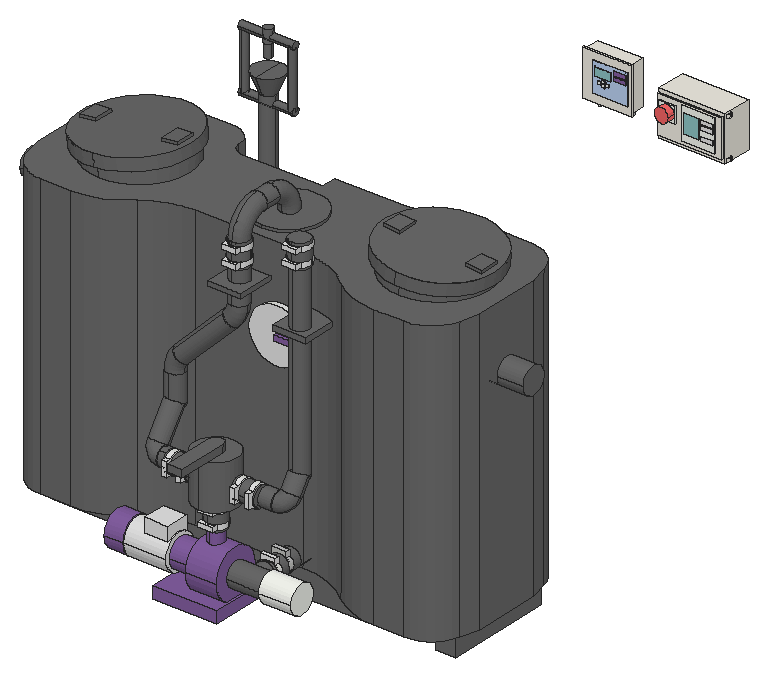
Revit family "93004.02_ms", category Generic Models, Revit 2021 (continued)
Definition of nested family "93004.02_ms_part3_X0Y0"
  Definition of nested family "93004.02_ms_part3_content"
    Forms (mm)
      Extrusion 45, solid, detail levels medium+fine
        sketch origin (636, 0, 1351.8) x (0, 1, 0) y (-0.996195, 0, 0.087156)
          loop
            circle (0, 0) r 233
        from 0 to 51
      Extrusion 46, solid, detail levels medium+fine
        sketch origin (501, 41, 1414.8) x (0, -1, 0) y (0.087156, 0, 0.996195)
          loop
            line (0, 12) -> (0, 0) -> (82, 0) -> (82, 12) -> (0, 12)
        from 0 to 66
      Extrusion 47, solid, detail levels medium+fine
        sketch origin (780, -41, 1390.3) x (0, 1, 0) y (0.087156, 0, 0.996195)
          loop
            line (0, 12) -> (0, 0) -> (82, 0) -> (82, 12) -> (0, 12)
        from 0 to 66
      Extrusion 48, solid, detail levels medium+fine
        sketch origin (-611.473, 0, 1071.551) x (0, -1, 0) y (0.996195, 0, 0.087156)
          loop
            circle (0, 0) r 211
        from 0 to 281.5
      Extrusion 49, solid, detail levels medium+fine
        sketch origin (-636, 0, 1351.5) x (0, -1, 0) y (0.996195, 0, 0.087156)
          loop
            circle (0, 0) r 233
        from 0 to 51
      Extrusion 50, solid, detail levels medium+fine
        sketch origin (-501, -41, 1414.5) x (0, 1, 0) y (-0.087156, 0, 0.996195)
          loop
            line (0, 12) -> (0, 0) -> (82, 0) -> (82, 12) -> (0, 12)
        from 0 to 66
      Extrusion 51, solid, detail levels medium+fine
        sketch origin (-780, 41, 1390) x (0, -1, 0) y (-0.087156, 0, 0.996195)
          loop
            line (0, 12) -> (0, 0) -> (82, 0) -> (82, 12) -> (0, 12)
        from 0 to 66
      Extrusion 52, solid, detail levels medium+fine
        sketch origin (-399, -183.5, 0) x (0, 1, 0) y (0, 0, 1)
          loop
            line (1, 113) -> (1, 0) -> (449, 0) -> (449, 113) -> (1, 113)
        from 0 to 1000
      Extrusion 53, solid, detail levels medium+fine
        sketch origin (936, 0, 1030) x (0, 1, 0) y (0, 0, 1)
          loop
            circle (0, 0) r 55
        from -98 to 98
      Extrusion 54, solid, detail levels medium+fine
        sketch origin (-936.1, 0, 1113) x (0, -1, 0) y (0, 0, 1)
          loop
            circle (0, 0) r 55
        from 0 to 151.5
      Extrusion 55, solid, detail levels medium+fine
        sketch origin (-110, 215, 1148.5) x (0, 0, -1) y (1, 0, 0)
          loop
            circle (0, 0) r 31.5
        from 0 to 12.5
      Revolve 56, solid, detail levels medium+fine
        sketch origin (-110, 215, 1148.5) x (0, 0, -1) y (-1, 0, 0)
          loop
            circle (0, 0) r 31.5
          axis (60, 0) -> (60, -1)
        angle from -90 to 0
      Extrusion 57, solid, detail levels medium+fine
        sketch origin (154.75, -214.5, 135) x (0, 0, -1) y (1, 0, 0)
          loop
            circle (0, 0) r 42
        from -100 to 100
      Extrusion 58, solid, detail levels medium+fine
        sketch origin (154.75, -224.5, 135) x (0, 0, -1) y (1, 0, 0)
          loop
            line (-56, -30) -> (-33.541, -30)
            arc (-33.541, -30) -> (45, 0) -> (-33.541, 30) r 45
            line (-33.541, 30) -> (-56, 30) -> (-56, -30)
        from 0 to 20
      Extrusion 59, solid, detail levels medium+fine
        sketch origin (154.75, -383, 135) x (-1, 0, 0) y (0, 0, 1)
          loop
            circle (0, 0) r 40
        from 0 to 193.5
      Extrusion 60, solid, detail levels medium+fine
        sketch origin (154.75, -284.5, 135) x (0, 0, -1) y (1, 0, 0)
          loop
            circle (0, 0) r 45
        from 0 to 20
      Extrusion 61, solid, detail levels medium+fine
        sketch origin (184.75, -304.5, 166) x (0, 1, 0) y (-1, 0, 0)
          loop
            line (0, 60) -> (0, 0) -> (20, 0) -> (20, 60) -> (0, 60)
        from 0 to 25
      Extrusion 62, solid, detail levels medium+fine
        sketch origin (82.5, -383, 135) x (0, 1, 0) y (0, 0, 1)
          loop
            circle (0, 0) r 50
        from 0 to 144.5
      Extrusion 63, solid, detail levels medium+fine
        sketch origin (-47, -383, 135) x (0, 1, 0) y (0, 0, 1)
          loop
            circle (0, 0) r 101
        from 0 to 129.5
      Extrusion 64, solid, detail levels medium+fine
        sketch origin (0, -383, 284) x (-1, 0, 0) y (0, 1, 0)
          loop
            circle (0, 0) r 31.5
        from 0 to 149
      Extrusion 65, solid, detail levels medium+fine
        sketch origin (-152, -383, 135) x (0, 1, 0) y (0, 0, 1)
          loop
            circle (0, 0) r 60
        from 0 to 105
      Extrusion 66, solid, detail levels medium+fine
        sketch origin (97.5, -269, 0) x (0, -1, 0) y (0, 0, 1)
          loop
            line (0, 48) -> (0, 0) -> (230, 0) -> (230, 48) -> (0, 48)
        from 0 to 272
      Extrusion 67, solid, detail levels medium+fine
        sketch origin (0, -383, 284) x (0, 1, 0) y (-1, 0, 0)
          loop
            circle (0, 0) r 42
        from 0 to 100
      Extrusion 68, solid, detail levels medium+fine
        sketch origin (0, -383, 294) x (0, 1, 0) y (-1, 0, 0)
          loop
            circle (0, 0) r 45
        from 0 to 20
      Extrusion 69, solid, detail levels medium+fine
        sketch origin (0, -383, 354) x (0, 1, 0) y (-1, 0, 0)
          loop
            circle (0, 0) r 45
        from 0 to 20
      Extrusion 70, solid, detail levels medium+fine
        sketch origin (-30, -414, 314) x (0, 0, -1) y (1, 0, 0)
          loop
            line (0, 60) -> (0, 0) -> (20, 0) -> (20, 60) -> (0, 60)
        from 0 to 25
      Extrusion 71, solid, detail levels medium+fine
        sketch origin (-30, -414, 374) x (0, 0, -1) y (1, 0, 0)
          loop
            line (0, 60) -> (0, 0) -> (20, 0) -> (20, 60) -> (0, 60)
        from 0 to 25
      Extrusion 72, solid, detail levels medium+fine
        sketch origin (227, -383, 135) x (0, 1, 0) y (0, 0, 1)
          loop
            circle (0, 0) r 58.5
        from 0 to 135.5
      Extrusion 73, solid, detail levels medium+fine
        sketch origin (-333, -383, 135) x (0, 1, 0) y (0, 0, 1)
          loop
            circle (0, 0) r 73.5
        from 0 to 181
      Extrusion 74, solid, detail levels medium+fine
        sketch origin (-262, -433, 188.5) x (0, 1, 0) y (0, 0, 1)
          loop
            line (0, 60) -> (0, 0) -> (100, 0) -> (100, 60) -> (0, 60)
        from 0 to 100
      Extrusion 75, solid, detail levels medium+fine
        sketch origin (-413, -383, 135) x (0, 1, 0) y (0, 0, 1)
          loop
            circle (0, 0) r 73.5
        from 0 to 80
      Extrusion 76, solid, detail levels medium+fine
        sketch origin (-68, -340.2, 1148.3) x (0, 1, 0) y (0, 0, 1)
          loop
            line (0, 20.5) -> (0, 0) -> (206.7, 0) -> (206.7, 20.5) -> (0, 20.5)
        from 0 to 138
      Extrusion 77, solid, detail levels medium+fine
        sketch origin (0, -260, 1080.432) x (0, 1, 0) y (-1, 0, 0)
          loop
            circle (0, 0) r 37.5
        from 0 to 234.57
      Extrusion 78, solid, detail levels medium+fine
        sketch origin (0, -260, 1231.5) x (0, 1, 0) y (-1, 0, 0)
          loop
            circle (0, 0) r 45
        from 0 to 20
      Extrusion 79, solid, detail levels medium+fine
        sketch origin (0, -260, 1221.5) x (0, 1, 0) y (-1, 0, 0)
          loop
            circle (0, 0) r 42
        from 0 to 100
      Extrusion 80, solid, detail levels medium+fine
        sketch origin (0, -260, 1291.5) x (0, 1, 0) y (-1, 0, 0)
          loop
            circle (0, 0) r 45
        from 0 to 20
      Extrusion 81, solid, detail levels medium+fine
        sketch origin (-30, -291, 1251.5) x (0, 0, -1) y (1, 0, 0)
          loop
            line (0, 60) -> (0, 0) -> (20, 0) -> (20, 60) -> (0, 60)
        from 0 to 25
      Extrusion 82, solid, detail levels medium+fine
        sketch origin (-30, -291, 1311.5) x (0, 0, -1) y (1, 0, 0)
          loop
            line (0, 60) -> (0, 0) -> (20, 0) -> (20, 60) -> (0, 60)
        from 0 to 25
      Revolve 83, solid, detail levels medium+fine
        sketch origin (0, -260, 1315) x (0, 1, 0) y (-1, 0, 0)
          loop
            circle (0, 0) r 37.5
          axis (100, 0) -> (100, -1)
        angle from -90 to 0
      Extrusion 84, solid, detail levels medium+fine
        sketch origin (766, -183.5, 0) x (0, 1, 0) y (0, 0, 1)
          loop
            line (0, 113) -> (0, 0) -> (450, 0) -> (450, 113) -> (0, 113)
        from 0 to 86.5
      Extrusion 85, solid, detail levels medium+fine
        sketch origin (0, 0, 1305) x (0, 1, 0) y (-1, 0, 0)
          loop
            circle (0, 0) r 140
        from 0 to 10
      Revolve 86, solid, detail levels medium+fine
        sketch origin (0, 5.5, 1315) x (0, -1, 0) y (1, 0, 0)
          loop
            circle (0, 0) r 37.5
          axis (100, 0) -> (100, -1)
        angle from -90 to 0
      Extrusion 87, solid, detail levels medium+fine
        sketch origin (0, -160, 1415) x (-1, 0, 0) y (0, 0, 1)
          loop
            circle (0, 0) r 37.5
        from 0 to 65.5
      Extrusion 88, solid, detail levels coarse
        sketch origin (-26.8, -128.835, 0) x (1, 0, 0) y (0, 1, 0)
          loop
            line (-1060.8, -470.165) -> (1060.8, -470.165) -> (1060.8, 470.165) -> (-1060.8, 470.165) -> (-1060.8, -470.165)
        from 0 to 1772.9
    Dimensions and locks
      aligned and locked: level to plane 2
